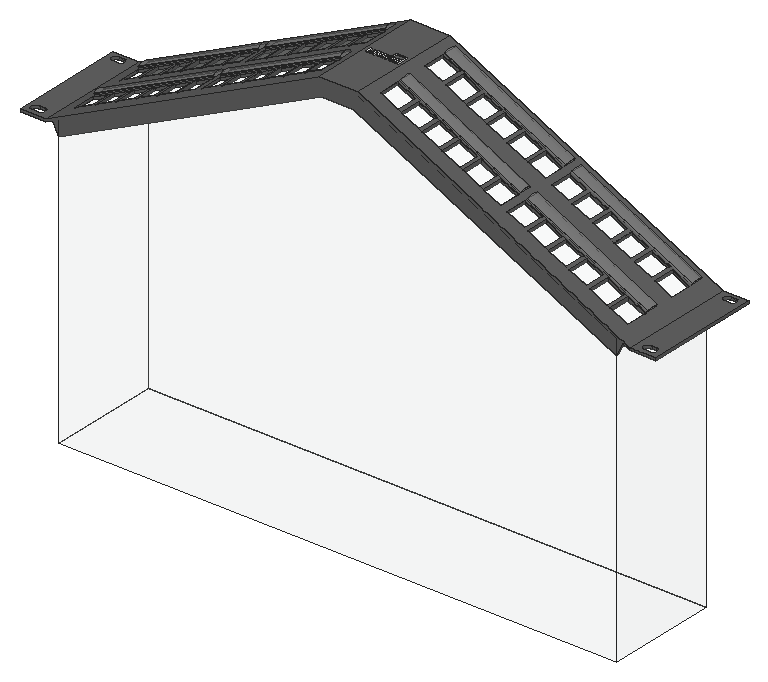
Revit family "Data_Device-Network-Leviton-Patch_Panel-Angled", category Data Devices, host Face, Revit 2025
Family settings
  Host = Face
  Round Connector Dimension = Use Diameter
  Part Type = Normal
  OmniClass Number = 23.85.50.17
  OmniClass Title = Communication and Data Processing Equipment
  Cut with Voids When Loaded = No
  Maintain Annotation Orientation = Yes
  Shared = Yes
  Room Calculation Point = No
Parameters (values of type "2RU, 48-Port, with Lens")
  z Void Offset = 0.00000"
  z Offset 2 = 0.50000"  # constant formula
  z Offset 1 = z Depth  # 0.05980"
  z 2RU with Screen = and(z Is Visible 2RU, not(Has ID Windows))  # no
  z 1RU with Screen = and(z Has 24 Ports, not(Has ID Windows))  # no
  z 1 Y Offset 5 = if(and(z Leviton Type = 222, Has ID Windows), 1.50000", 0.45000")  # 1.50000"
  z 2RU with Lens = z Leviton Type = 222  # yes
  z 1RU with Lens = z Leviton Type = 112  # no
  z Leviton Type = 222
  z Is Visible 2RU = or(z Leviton Type = 220, z Leviton Type = 221, z Leviton Type = 222)  # yes
  z Height = if(or(z Leviton Type = 220, z Leviton Type = 221, z Leviton Type = 222), 3.47500", 1.72500")  # 3.47500"
  z Has 48 Ports 1RU = z Leviton Type = 120  # no
  z Has 48 Ports = and(or(z Leviton Type = 220, z Leviton Type = 221, z Leviton Type = 222))  # yes
  z Has 24 Ports = and(or(z Leviton Type = 110, z Leviton Type = 111, z Leviton Type = 112))  # no
  z Depth = 0.05980"  # constant formula
  z 1 Y Offset 4 = if(or(z Leviton Type = 110, z Leviton Type = 111, z Leviton Type = 112), 0.16000", 18.00000")  # 18.00000"
  z 1 Y Offset 3 = if(or(z Leviton Type = 110, z Leviton Type = 111, z Leviton Type = 112), 18.00000", if(z Leviton Type = 120, 1.01910", if(or(z Leviton Type = 220, z Leviton Type = 221, z Leviton Type = 222), 2.30700", 0.00000")))  # 2.30700"
  z 1 Y Offset 2 = if(or(z Leviton Type = 110, z Leviton Type = 111, z Leviton Type = 112), 18.00000", if(z Leviton Type = 120, 1.01910", if(or(z Leviton Type = 220, z Leviton Type = 221, z Leviton Type = 222), 2.30700", 0.00000")))  # 2.30700"
  z 1 Y Offset 1 = if(or(z Leviton Type = 110, z Leviton Type = 111, z Leviton Type = 112), 0.60000", if(z Leviton Type = 120, 0.20590", if(or(z Leviton Type = 220, z Leviton Type = 221, z Leviton Type = 222), 0.63900", 0.00000")))  # 0.63900"
  Width [instance] = 19.00000"  # constant formula
  Weight [instance] = 0.00 lbf
  URL = "http://www.leviton.com/networksolutions"
  UPC Code [instance] = ""
  Type Comments = " "
  Technical Support Phone Number = "1-800-824-3005"  # constant formula
  Shielded = or(z Leviton Type = 111, z Leviton Type = 221)  # no
  Serial Number [instance] = ""
  Rack Spaces RU = 2
  Product Documentation Link = "Leviton_49256-Hxx_49256-Dxx_49256-Lxx_Angled_QuickPort_Patch_Panels.pdf"
  Port Count [instance] = 0
  Part Number [instance] = if(z Leviton Type = 110, "49256-H24", if(z Leviton Type = 112, "49256-L24", if(z Leviton Type = 220, "49256-H48", if(z Leviton Type = 222, "49256-L48", if(z Leviton Type = 120, "49256-D48", if(z Leviton Type = 111, "4S256-S24", if(z Leviton Type = 221, "4S256-S48", "ERROR")))))))  # "49256-L48"
  Part Description = Description  # "Angled QuickPort Patch Panel, 48-port, 2RU, with Mangnifying Lens"
  Original Creation Date = "July 25, 2014"  # constant formula
  Model Disclaimer = "http://www.leviton.com/BIMterms"
  Model = " "
  Manufacturer = "Leviton"  # constant formula
  Height [instance] = 4.53000"  # constant formula
  Has ID Windows = yes
  Family Version = "1.0.2"  # constant formula
  Equipment Type = ""
  Equipment Abbreviation = "QPPA"  # constant formula
  Die Cast = 0 = 1  # no
  Description = "Angled QuickPort Patch Panel, 48-port, 2RU, with Mangnifying Lens"
  Default Elevation = 24.00000"
  Date Last Modified = "September 06, 2023"  # constant formula
  Copyright = "Copyright © 2014-2015 Leviton Manufacturing Co., Inc."  # constant formula
  Channel Count [instance] = 0
  Cable Clearance is Visible [instance] = yes
  Cable Clearance [instance] = 8.50000"
  Assembly Code = "D5030600"
  Annotation Symbol is Visible = yes
  Annotation Symbol [instance] = Symbol : Data
Reference planes (in)
  plane 1 "Center (Front/Back)": y = -0.5525
  plane 2 "Mounting Surface": z = 0
  plane 3 "Center (Left/Right)": x = -0.9065
  plane 4 "Left": x = -10.4065
  plane 5 "Right": x = 8.5935
  plane 6 "Top": y = 1.185
  plane 7 "Recess": z = -0.0902
  plane 8 "Void Collector": z = -2
  plane 9 "Bottom": y = -2.29
  plane 10: y = -2.177
  plane 11: y = 0.822
  plane 12: y = 0.546
  plane 13: y = -0.124
  plane 14: y = -1.792
  plane 15: y = -1.122
  plane 16: x = -9.6565
  plane 17: x = 7.8435
  plane 18: x = -9.7183
  plane 19: x = 7.9053
  plane 20: x = -10.0615
  plane 21: x = 8.2485
  plane 22: z = -8.5
  plane 23: z = -0.5
  plane 24: z = 0.2
  plane 25: y = -2.04592
  plane 26: y = 1.072
  plane 27: y = -1.91484
  plane 28: y = 0.947
  plane 29 "Connector Host": z = 0.0598
  plane 30 "Front": z = 4.05292
  plane 31 "Upper Interior": y = 1.1103
  plane 32: through (-1.48999, -180, 4.05292) normal (0.4384, 0, -0.8988)
  plane 33: through (7.8335, -180, 0.0747) normal (-0.4384, 0, -0.8988)
  plane 34: through (-1.48999, -180, 4.05292) normal (0.4384, 0, -0.8988)
  plane 35 "Left Bank": through (-1.48999, -180, 4.05292) normal (0.4384, 0, -0.8988)
  plane 36 "Right Bank": through (7.8335, -180, 0.0747) normal (-0.4384, 0, -0.8988)
  plane 37: y = -1.122
  plane 38: y = -1.792
  plane 39: y = -1.062
  plane 40: y = -0.184
  plane 41: y = -16.815
  plane 42: y = -17.195
  plane 43: y = -2.23
  plane 44: y = 0.546
  plane 45: y = -0.124
Forms (in)
  Extrusion 1, solid, not visible, detail levels fine
    sketch origin (0, 0, 0) x (1, 0, 0) y (0, 1, 0)
      loop
        line (-10.4065, 1.5725) -> (-10.4065, -2.77319) -> (8.5935, -2.77319) -> (8.5935, 1.5725) -> (-10.4065, 1.5725)
    from 0 to -2
  Extrusion 2, void, detail levels medium+fine
    sketch origin (-18.83166, -182.13202, 0) x (0, -1, 0) y (-1, 0, 0)
      loop
        arc (-180.21718, -8.84416) -> (-180.0861, -8.97524) -> (-179.95502, -8.84416) r 0.13108
        line (-179.95502, -8.84416) -> (-179.95502, -8.69416)
        arc (-179.95502, -8.69416) -> (-180.0861, -8.56308) -> (-180.21718, -8.69416) r 0.13108
        line (-180.21718, -8.69416) -> (-180.21718, -8.84416)
      loop
        line (-180.21718, -27.00616) -> (-180.21718, -27.15616)
        arc (-180.21718, -27.15616) -> (-180.0861, -27.28724) -> (-179.95502, -27.15616) r 0.13108
        line (-179.95502, -27.15616) -> (-179.95502, -27.00616)
        arc (-179.95502, -27.00616) -> (-180.0861, -26.87508) -> (-180.21718, -27.00616) r 0.13108
      loop
        line (-180.34002, -10.18194) -> (-180.34002, -9.65794) -> (-181.01002, -9.65794) -> (-181.01002, -10.18194) -> (-180.34002, -10.18194)
      loop
        line (-180.34002, -10.79761) -> (-180.34002, -10.27361) -> (-181.01002, -10.27361) -> (-181.01002, -10.79761) -> (-180.34002, -10.79761)
      loop
        line (-180.34002, -11.41328) -> (-180.34002, -10.88929) -> (-181.01002, -10.88929) -> (-181.01002, -11.41328) -> (-180.34002, -11.41328)
      loop
        line (-180.34002, -12.02896) -> (-180.34002, -11.50496) -> (-181.01002, -11.50496) -> (-181.01002, -12.02896) -> (-180.34002, -12.02896)
      loop
        line (-180.34002, -12.64463) -> (-180.34002, -12.12063) -> (-181.01002, -12.12063) -> (-181.01002, -12.64463) -> (-180.34002, -12.64463)
      loop
        line (-180.34002, -13.26031) -> (-180.34002, -12.73631) -> (-181.01002, -12.73631) -> (-181.01002, -13.26031) -> (-180.34002, -13.26031)
      loop
        line (-180.34002, -13.97485) -> (-180.34002, -13.45085) -> (-181.01002, -13.45085) -> (-181.01002, -13.97485) -> (-180.34002, -13.97485)
      loop
        line (-180.34002, -14.59052) -> (-180.34002, -14.06652) -> (-181.01002, -14.06652) -> (-181.01002, -14.59052) -> (-180.34002, -14.59052)
      loop
        line (-180.34002, -15.20619) -> (-180.34002, -14.6822) -> (-181.01002, -14.6822) -> (-181.01002, -15.20619) -> (-180.34002, -15.20619)
      loop
        line (-180.34002, -15.82187) -> (-180.34002, -15.29787) -> (-181.01002, -15.29787) -> (-181.01002, -15.82187) -> (-180.34002, -15.82187)
      loop
        line (-180.34002, -16.43754) -> (-180.34002, -15.91355) -> (-181.01002, -15.91355) -> (-181.01002, -16.43754) -> (-180.34002, -16.43754)
      loop
        line (-180.34002, -17.05322) -> (-180.34002, -16.52922) -> (-181.01002, -16.52922) -> (-181.01002, -17.05322) -> (-180.34002, -17.05322)
      loop
        line (-180.34002, -19.3211) -> (-180.34002, -18.7971) -> (-181.01002, -18.7971) -> (-181.01002, -19.3211) -> (-180.34002, -19.3211)
      loop
        line (-180.34002, -19.93677) -> (-180.34002, -19.41278) -> (-181.01002, -19.41278) -> (-181.01002, -19.93677) -> (-180.34002, -19.93677)
      loop
        line (-180.34002, -20.55245) -> (-180.34002, -20.02845) -> (-181.01002, -20.02845) -> (-181.01002, -20.55245) -> (-180.34002, -20.55245)
      loop
        line (-180.34002, -21.16812) -> (-180.34002, -20.64412) -> (-181.01002, -20.64412) -> (-181.01002, -21.16812) -> (-180.34002, -21.16812)
      loop
        line (-180.34002, -21.7838) -> (-180.34002, -21.2598) -> (-181.01002, -21.2598) -> (-181.01002, -21.7838) -> (-180.34002, -21.7838)
      loop
        line (-180.34002, -22.39947) -> (-180.34002, -21.87547) -> (-181.01002, -21.87547) -> (-181.01002, -22.39947) -> (-180.34002, -22.39947)
      loop
        line (-180.34002, -23.11401) -> (-180.34002, -22.59001) -> (-181.01002, -22.59001) -> (-181.01002, -23.11401) -> (-180.34002, -23.11401)
      loop
        line (-180.34002, -23.72968) -> (-180.34002, -23.20569) -> (-181.01002, -23.20569) -> (-181.01002, -23.72968) -> (-180.34002, -23.72968)
      loop
        line (-180.34002, -24.34536) -> (-180.34002, -23.82136) -> (-181.01002, -23.82136) -> (-181.01002, -24.34536) -> (-180.34002, -24.34536)
      loop
        line (-180.34002, -24.96103) -> (-180.34002, -24.43704) -> (-181.01002, -24.43704) -> (-181.01002, -24.96103) -> (-180.34002, -24.96103)
      loop
        line (-180.34002, -25.57671) -> (-180.34002, -25.05271) -> (-181.01002, -25.05271) -> (-181.01002, -25.57671) -> (-180.34002, -25.57671)
      loop
        line (-180.34002, -26.19238) -> (-180.34002, -25.66838) -> (-181.01002, -25.66838) -> (-181.01002, -26.19238) -> (-180.34002, -26.19238)
    from 0.0902 to -5.3247
  Extrusion 3, void, detail levels medium+fine
    sketch origin (-18.83166, -181.20301, 0) x (0, -1, 0) y (-1, 0, 0)
      loop
        arc (-182.27501, -8.84416) -> (-182.15001, -8.96916) -> (-182.02501, -8.84416) r 0.125
        line (-182.02501, -8.84416) -> (-182.02501, -8.69416)
        arc (-182.02501, -8.69416) -> (-182.15001, -8.56916) -> (-182.27501, -8.69416) r 0.125
        line (-182.27501, -8.69416) -> (-182.27501, -8.84416)
      loop
        line (-182.27501, -27.00616) -> (-182.27501, -27.15616)
        arc (-182.27501, -27.15616) -> (-182.15001, -27.28116) -> (-182.02501, -27.15616) r 0.125
        line (-182.02501, -27.15616) -> (-182.02501, -27.00616)
        arc (-182.02501, -27.00616) -> (-182.15001, -26.88116) -> (-182.27501, -27.00616) r 0.125
      loop
        line (-181.74901, -10.18194) -> (-181.07901, -10.18194) -> (-181.07901, -9.65794) -> (-181.74901, -9.65794) -> (-181.74901, -10.18194)
      loop
        line (-181.74901, -10.79761) -> (-181.07901, -10.79761) -> (-181.07901, -10.27361) -> (-181.74901, -10.27361) -> (-181.74901, -10.79761)
      loop
        line (-181.74901, -11.41328) -> (-181.07901, -11.41328) -> (-181.07901, -10.88929) -> (-181.74901, -10.88929) -> (-181.74901, -11.41328)
      loop
        line (-181.74901, -12.02896) -> (-181.07901, -12.02896) -> (-181.07901, -11.50496) -> (-181.74901, -11.50496) -> (-181.74901, -12.02896)
      loop
        line (-181.74901, -12.64463) -> (-181.07901, -12.64463) -> (-181.07901, -12.12063) -> (-181.74901, -12.12063) -> (-181.74901, -12.64463)
      loop
        line (-181.74901, -13.26031) -> (-181.07901, -13.26031) -> (-181.07901, -12.73631) -> (-181.74901, -12.73631) -> (-181.74901, -13.26031)
      loop
        line (-181.74901, -13.97485) -> (-181.07901, -13.97485) -> (-181.07901, -13.45085) -> (-181.74901, -13.45085) -> (-181.74901, -13.97485)
      loop
        line (-181.74901, -14.59052) -> (-181.07901, -14.59052) -> (-181.07901, -14.06652) -> (-181.74901, -14.06652) -> (-181.74901, -14.59052)
      loop
        line (-181.74901, -15.20619) -> (-181.07901, -15.20619) -> (-181.07901, -14.6822) -> (-181.74901, -14.6822) -> (-181.74901, -15.20619)
      loop
        line (-181.74901, -15.82187) -> (-181.07901, -15.82187) -> (-181.07901, -15.29787) -> (-181.74901, -15.29787) -> (-181.74901, -15.82187)
      loop
        line (-181.74901, -16.43754) -> (-181.07901, -16.43754) -> (-181.07901, -15.91355) -> (-181.74901, -15.91355) -> (-181.74901, -16.43754)
      loop
        line (-181.74901, -17.05322) -> (-181.07901, -17.05322) -> (-181.07901, -16.52922) -> (-181.74901, -16.52922) -> (-181.74901, -17.05322)
      loop
        line (-181.74901, -19.3211) -> (-181.07901, -19.3211) -> (-181.07901, -18.7971) -> (-181.74901, -18.7971) -> (-181.74901, -19.3211)
      loop
        line (-181.74901, -19.93677) -> (-181.07901, -19.93677) -> (-181.07901, -19.41278) -> (-181.74901, -19.41278) -> (-181.74901, -19.93677)
      loop
        line (-181.74901, -20.55245) -> (-181.07901, -20.55245) -> (-181.07901, -20.02845) -> (-181.74901, -20.02845) -> (-181.74901, -20.55245)
      loop
        line (-181.74901, -21.16812) -> (-181.07901, -21.16812) -> (-181.07901, -20.64412) -> (-181.74901, -20.64412) -> (-181.74901, -21.16812)
      loop
        line (-181.74901, -21.7838) -> (-181.07901, -21.7838) -> (-181.07901, -21.2598) -> (-181.74901, -21.2598) -> (-181.74901, -21.7838)
      loop
        line (-181.74901, -22.39947) -> (-181.07901, -22.39947) -> (-181.07901, -21.87547) -> (-181.74901, -21.87547) -> (-181.74901, -22.39947)
      loop
        line (-181.74901, -23.11401) -> (-181.07901, -23.11401) -> (-181.07901, -22.59001) -> (-181.74901, -22.59001) -> (-181.74901, -23.11401)
      loop
        line (-181.74901, -23.72968) -> (-181.07901, -23.72968) -> (-181.07901, -23.20569) -> (-181.74901, -23.20569) -> (-181.74901, -23.72968)
      loop
        line (-181.74901, -24.34536) -> (-181.07901, -24.34536) -> (-181.07901, -23.82136) -> (-181.74901, -23.82136) -> (-181.74901, -24.34536)
      loop
        line (-181.74901, -24.96103) -> (-181.07901, -24.96103) -> (-181.07901, -24.43704) -> (-181.74901, -24.43704) -> (-181.74901, -24.96103)
      loop
        line (-181.74901, -25.57671) -> (-181.07901, -25.57671) -> (-181.07901, -25.05271) -> (-181.74901, -25.05271) -> (-181.74901, -25.57671)
      loop
        line (-181.74901, -26.19238) -> (-181.07901, -26.19238) -> (-181.07901, -25.66838) -> (-181.74901, -25.66838) -> (-181.74901, -26.19238)
    from 0.0902 to -4.25
  Extrusion 4, solid, material "Steel - Leviton - Powdercoat - Black"
    sketch origin (0, -2.29, 0) x (-1, 0, 0) y (0, 0, 1)
      loop
        line (9.6465, 0.0747) -> (1.48999, 4.05292) -> (0.32301, 4.05292) -> (-7.8335, 0.0747) -> (-8.5935, 0.0747) -> (-8.5935, 0) -> (-7.81625, 0) -> (-7.62099, 0.09523) -> (-7.43456, -0.28702) -> (0.43849, 3.55292) -> (1.37451, 3.55292) -> (9.24756, -0.28702) -> (9.43399, 0.09523) -> (9.62925, 0) -> (10.4065, 0) -> (10.4065, 0.0747) -> (9.6465, 0.0747)
    from 3.475 to 0
  Extrusion 5, void
    sketch origin (0, -0.4653, 0) x (-1, 0, 0) y (0, 0, 1)
      loop
        line (1.46321, 3.98287) -> (0.34979, 3.98287) -> (-7.62099, 0.09523) -> (-7.40825, -0.34095) -> (0.45235, 3.49292) -> (1.36066, 3.49292) -> (9.22125, -0.34095) -> (9.43399, 0.09523) -> (1.46321, 3.98287)
    from 1.5756 to -1.7647
  Extrusion 6, solid, material "Snap Locations - Leviton - Invisible"
    sketch origin (0, 0.0165, 0) x (-1, 0, 0) y (0, 0, 1)
      loop
        line (9.17372, 0.30529) -> (5.57135, 2.06229) -> (5.53861, 1.99515) -> (9.14097, 0.23815) -> (9.17372, 0.30529)
      loop
        line (5.38081, 2.15523) -> (1.77844, 3.91223) -> (1.7457, 3.84509) -> (5.34806, 2.08809) -> (5.38081, 2.15523)
      loop
        line (-7.36072, 0.30529) -> (-7.32797, 0.23815) -> (-3.72561, 1.99515) -> (-3.75835, 2.06229) -> (-7.36072, 0.30529)
      loop
        line (-3.56781, 2.15523) -> (-3.53506, 2.08809) -> (0.0673, 3.84509) -> (0.03456, 3.91223) -> (-3.56781, 2.15523)
    from -0.1405 to 0.5295
  Extrusion 7, solid, material "Snap Locations - Leviton - Invisible", visible <- "z Is Visible 2RU"
    sketch origin (0, -1.6415, 0) x (-1, 0, 0) y (0, 0, 1)
      loop
        line (9.17372, 0.30529) -> (5.57135, 2.06229) -> (5.53861, 1.99515) -> (9.14097, 0.23815) -> (9.17372, 0.30529)
      loop
        line (5.38081, 2.15523) -> (1.77844, 3.91223) -> (1.7457, 3.84509) -> (5.34806, 2.08809) -> (5.38081, 2.15523)
      loop
        line (-7.36072, 0.30529) -> (-7.32797, 0.23815) -> (-3.72561, 1.99515) -> (-3.75835, 2.06229) -> (-7.36072, 0.30529)
      loop
        line (-3.56781, 2.15523) -> (-3.53506, 2.08809) -> (0.0673, 3.84509) -> (0.03456, 3.91223) -> (-3.56781, 2.15523)
    from 0.5195 to -0.1505
  Extrusion 8, solid, material "Clearance Areas - Leviton", visible <- "Cable Clearance is Visible"
    sketch origin (0, -0.4653, 0) x (-1, 0, 0) y (0, 0, 1)
      loop
        line (9.2665, -8.5) -> (9.2665, 0.17693) -> (1.45903, 3.98487) -> (0.35397, 3.98487) -> (-7.4535, 0.17693) -> (-7.4535, -8.5) -> (9.2665, -8.5)
    from 1.5373 to -1.8247
  Extrusion 9, solid, material "Snap Locations - Leviton - Invisible", visible <- "z Is Visible 2RU"
    sketch origin (0, -0.6797, 0) x (-1, 0, 0) y (0, 0, 1)
      loop
        line (9.17372, 0.30529) -> (5.57135, 2.06229) -> (5.53861, 1.99515) -> (9.14097, 0.23815) -> (9.17372, 0.30529)
      loop
        line (5.38081, 2.15523) -> (1.77844, 3.91223) -> (1.7457, 3.84509) -> (5.34806, 2.08809) -> (5.38081, 2.15523)
      loop
        line (-7.36072, 0.30529) -> (-7.32797, 0.23815) -> (-3.72561, 1.99515) -> (-3.75835, 2.06229) -> (-7.36072, 0.30529)
      loop
        line (-3.56781, 2.15523) -> (-3.53506, 2.08809) -> (0.0673, 3.84509) -> (0.03456, 3.91223) -> (-3.56781, 2.15523)
    from -0.4423 to -1.1123
  Extrusion 10, solid, material "Plastic - Leviton - White", visible <- "z 2RU with Screen"
    sketch origin (0, -2.29, 0) x (-1, 0, 0) y (0, 0, 1)
      loop
        line (8.63657, 0.5339) -> (9.16057, 0.27833) -> (9.17591, 0.30978) -> (8.65192, 0.56536) -> (8.63657, 0.5339)
      loop
        line (8.0209, 0.83418) -> (8.5449, 0.57861) -> (8.56024, 0.61007) -> (8.03624, 0.86564) -> (8.0209, 0.83418)
      loop
        line (7.40522, 1.13447) -> (7.92922, 0.8789) -> (7.94456, 0.91036) -> (7.42057, 1.16593) -> (7.40522, 1.13447)
      loop
        line (6.78955, 1.43476) -> (7.31355, 1.17918) -> (7.32889, 1.21064) -> (6.80489, 1.46621) -> (6.78955, 1.43476)
      loop
        line (6.17388, 1.73504) -> (6.69787, 1.47947) -> (6.71322, 1.51093) -> (6.18922, 1.7665) -> (6.17388, 1.73504)
      loop
        line (5.5582, 2.03533) -> (6.0822, 1.77976) -> (6.09754, 1.81121) -> (5.57355, 2.06679) -> (5.5582, 2.03533)
      loop
        line (4.84366, 2.38384) -> (5.36766, 2.12826) -> (5.383, 2.15972) -> (4.859, 2.41529) -> (4.84366, 2.38384)
      loop
        line (4.22799, 2.68412) -> (4.75199, 2.42855) -> (4.76733, 2.46001) -> (4.24333, 2.71558) -> (4.22799, 2.68412)
      loop
        line (3.61231, 2.98441) -> (4.13631, 2.72884) -> (4.15165, 2.76029) -> (3.62766, 3.01587) -> (3.61231, 2.98441)
      loop
        line (2.99664, 3.28469) -> (3.52064, 3.02912) -> (3.53598, 3.06058) -> (3.01198, 3.31615) -> (2.99664, 3.28469)
      loop
        line (2.38097, 3.58498) -> (2.90496, 3.32941) -> (2.92031, 3.36087) -> (2.39631, 3.61644) -> (2.38097, 3.58498)
      loop
        line (1.76529, 3.88527) -> (2.28929, 3.62969) -> (2.30463, 3.66115) -> (1.78063, 3.91672) -> (1.76529, 3.88527)
      loop
        line (-6.82357, 0.5339) -> (-6.83892, 0.56536) -> (-7.36291, 0.30978) -> (-7.34757, 0.27833) -> (-6.82357, 0.5339)
      loop
        line (-6.2079, 0.83418) -> (-6.22324, 0.86564) -> (-6.74724, 0.61007) -> (-6.7319, 0.57861) -> (-6.2079, 0.83418)
      loop
        line (-5.59222, 1.13447) -> (-5.60757, 1.16593) -> (-6.13156, 0.91036) -> (-6.11622, 0.8789) -> (-5.59222, 1.13447)
      loop
        line (-4.97655, 1.43476) -> (-4.99189, 1.46621) -> (-5.51589, 1.21064) -> (-5.50055, 1.17918) -> (-4.97655, 1.43476)
      loop
        line (-4.36088, 1.73504) -> (-4.37622, 1.7665) -> (-4.90022, 1.51093) -> (-4.88487, 1.47947) -> (-4.36088, 1.73504)
      loop
        line (-3.7452, 2.03533) -> (-3.76055, 2.06679) -> (-4.28454, 1.81121) -> (-4.2692, 1.77976) -> (-3.7452, 2.03533)
      loop
        line (-3.03066, 2.38384) -> (-3.046, 2.41529) -> (-3.57, 2.15972) -> (-3.55466, 2.12826) -> (-3.03066, 2.38384)
      loop
        line (-2.41499, 2.68412) -> (-2.43033, 2.71558) -> (-2.95433, 2.46001) -> (-2.93898, 2.42855) -> (-2.41499, 2.68412)
      loop
        line (-1.79931, 2.98441) -> (-1.81466, 3.01587) -> (-2.33865, 2.76029) -> (-2.32331, 2.72884) -> (-1.79931, 2.98441)
      loop
        line (-1.18364, 3.28469) -> (-1.19898, 3.31615) -> (-1.72298, 3.06058) -> (-1.70764, 3.02912) -> (-1.18364, 3.28469)
      loop
        line (-0.56797, 3.58498) -> (-0.58331, 3.61644) -> (-1.10731, 3.36087) -> (-1.09196, 3.32941) -> (-0.56797, 3.58498)
      loop
        line (0.04771, 3.88527) -> (0.03237, 3.91672) -> (-0.49163, 3.66115) -> (-0.47629, 3.62969) -> (0.04771, 3.88527)
    from 2.106 to 1.228
  Extrusion 11, void
    sketch origin (0, 0, 4.05292) x (-1, 0, 0) y (0, -1, 0)
      loop
        line (9.3775, 0.5605) -> (9.3775, 0.6855) -> (-7.6225, 0.6855) -> (-7.6225, 0.5605) -> (9.3775, 0.5605)
    from 0 to -4.55292
  Extrusion 12, solid, material "Plastic - Leviton - White", visible <- "z 1RU with Screen"
    sketch origin (0, -4.5821, 0) x (-1, 0, 0) y (0, 0, 1)
      loop
        line (8.63657, 0.5339) -> (9.16057, 0.27833) -> (9.17591, 0.30978) -> (8.65192, 0.56536) -> (8.63657, 0.5339)
      loop
        line (8.0209, 0.83418) -> (8.5449, 0.57861) -> (8.56024, 0.61007) -> (8.03624, 0.86564) -> (8.0209, 0.83418)
      loop
        line (7.40522, 1.13447) -> (7.92922, 0.8789) -> (7.94456, 0.91036) -> (7.42057, 1.16593) -> (7.40522, 1.13447)
      loop
        line (6.78955, 1.43476) -> (7.31355, 1.17918) -> (7.32889, 1.21064) -> (6.80489, 1.46621) -> (6.78955, 1.43476)
      loop
        line (6.17388, 1.73504) -> (6.69787, 1.47947) -> (6.71322, 1.51093) -> (6.18922, 1.7665) -> (6.17388, 1.73504)
      loop
        line (5.5582, 2.03533) -> (6.0822, 1.77976) -> (6.09754, 1.81121) -> (5.57355, 2.06679) -> (5.5582, 2.03533)
      loop
        line (4.84366, 2.38384) -> (5.36766, 2.12826) -> (5.383, 2.15972) -> (4.859, 2.41529) -> (4.84366, 2.38384)
      loop
        line (4.22799, 2.68412) -> (4.75199, 2.42855) -> (4.76733, 2.46001) -> (4.24333, 2.71558) -> (4.22799, 2.68412)
      loop
        line (3.61231, 2.98441) -> (4.13631, 2.72884) -> (4.15165, 2.76029) -> (3.62766, 3.01587) -> (3.61231, 2.98441)
      loop
        line (2.99664, 3.28469) -> (3.52064, 3.02912) -> (3.53598, 3.06058) -> (3.01198, 3.31615) -> (2.99664, 3.28469)
      loop
        line (2.38097, 3.58498) -> (2.90496, 3.32941) -> (2.92031, 3.36087) -> (2.39631, 3.61644) -> (2.38097, 3.58498)
      loop
        line (1.76529, 3.88527) -> (2.28929, 3.62969) -> (2.30463, 3.66115) -> (1.78063, 3.91672) -> (1.76529, 3.88527)
      loop
        line (-6.82357, 0.5339) -> (-6.83892, 0.56536) -> (-7.36291, 0.30978) -> (-7.34757, 0.27833) -> (-6.82357, 0.5339)
      loop
        line (-6.2079, 0.83418) -> (-6.22324, 0.86564) -> (-6.74724, 0.61007) -> (-6.7319, 0.57861) -> (-6.2079, 0.83418)
      loop
        line (-5.59222, 1.13447) -> (-5.60757, 1.16593) -> (-6.13156, 0.91036) -> (-6.11622, 0.8789) -> (-5.59222, 1.13447)
      loop
        line (-4.97655, 1.43476) -> (-4.99189, 1.46621) -> (-5.51589, 1.21064) -> (-5.50055, 1.17918) -> (-4.97655, 1.43476)
      loop
        line (-4.36088, 1.73504) -> (-4.37622, 1.7665) -> (-4.90022, 1.51093) -> (-4.88487, 1.47947) -> (-4.36088, 1.73504)
      loop
        line (-3.7452, 2.03533) -> (-3.76055, 2.06679) -> (-4.28454, 1.81121) -> (-4.2692, 1.77976) -> (-3.7452, 2.03533)
      loop
        line (-3.03066, 2.38384) -> (-3.046, 2.41529) -> (-3.57, 2.15972) -> (-3.55466, 2.12826) -> (-3.03066, 2.38384)
      loop
        line (-2.41499, 2.68412) -> (-2.43033, 2.71558) -> (-2.95433, 2.46001) -> (-2.93898, 2.42855) -> (-2.41499, 2.68412)
      loop
        line (-1.79931, 2.98441) -> (-1.81466, 3.01587) -> (-2.33865, 2.76029) -> (-2.32331, 2.72884) -> (-1.79931, 2.98441)
      loop
        line (-1.18364, 3.28469) -> (-1.19898, 3.31615) -> (-1.72298, 3.06058) -> (-1.70764, 3.02912) -> (-1.18364, 3.28469)
      loop
        line (-0.56797, 3.58498) -> (-0.58331, 3.61644) -> (-1.10731, 3.36087) -> (-1.09196, 3.32941) -> (-0.56797, 3.58498)
      loop
        line (0.04771, 3.88527) -> (0.03237, 3.91672) -> (-0.49163, 3.66115) -> (-0.47629, 3.62969) -> (0.04771, 3.88527)
    from -12.2329 to -12.6129
  Sweep 13, solid, material "Plastic - Leviton - Clear", visible <- "z 1RU with Lens"
    path origin (0, -2.29, 0) x (-1, 0, 0) y (0, 0, 1)
      loop
        line (-7.36072, 0.30529) -> (0.32301, 4.05292) -> (1.48999, 4.05292) -> (9.17372, 0.30529)
    profile origin (-0.9065, -2.29, 4.05292) x (0, 0, -1) y (0, 1, 0)
      loop
        line (0, 1.565) -> (-0.05109, 1.565)
        arc (-0.05109, 1.565) -> (-0.10464, 1.375) -> (-0.05109, 1.185) r 0.3638
        line (-0.05109, 1.185) -> (0, 1.185) -> (0, 1.565)
  Extrusion 14, void
    sketch origin (0, -2.29, 0) x (-1, 0, 0) y (0, 0, 1)
      loop
        line (1.48999, 4.05292) -> (1.77844, 3.91223) -> (1.90995, 4.18187) -> (1.55925, 4.35292) -> (0.25375, 4.35292) -> (-0.09695, 4.18187) -> (0.03456, 3.91223) -> (0.32301, 4.05292) -> (1.48999, 4.05292)
      loop
        line (-3.75835, 2.06229) -> (-3.56781, 2.15523) -> (-3.7003, 2.42687) -> (-3.89085, 2.33394) -> (-3.75835, 2.06229)
      loop
        line (5.70287, 2.33193) -> (5.51232, 2.42487) -> (5.38081, 2.15523) -> (5.57135, 2.06229) -> (5.70287, 2.33193)
    from 3.475 to 0
  Sweep 15, solid, material "Plastic - Leviton - Clear", visible <- "z 2RU with Lens"
    path origin (0, -2.29, 0) x (-1, 0, 0) y (0, 0, 1)
      loop
        line (-7.36072, 0.30529) -> (0.32301, 4.05292) -> (1.48999, 4.05292) -> (9.17372, 0.30529)
    profile origin (-0.9065, -2.29, 4.05292) x (0, 0, -1) y (0, 1, 0)
      loop
        line (0, 1.608) -> (-0.05109, 1.608)
        arc (-0.05109, 1.608) -> (-0.10464, 1.418) -> (-0.05109, 1.228) r 0.3638
        line (-0.05109, 1.228) -> (0, 1.228) -> (0, 1.608)
      loop
        line (0, 3.276) -> (-0.05109, 3.276)
        arc (-0.05109, 3.276) -> (-0.10464, 3.086) -> (-0.05109, 2.896) r 0.3638
        line (-0.05109, 2.896) -> (0, 2.896) -> (0, 3.276)
Cuts and joins
  Extrusion 2, Extrusion 3, Extrusion 5 cuts Extrusion 4
  Extrusion 11 cuts Extrusion 10
  Extrusion 14 cuts Sweep 15
  Extrusion 14 cuts Sweep 13
Lines and regions (in)
  Masking region 1, detail levels coarse+medium
    outline origin (-10.4065, 0, 0) x (0, -1, 0) y (0, 0, 1)
      loop
        line (2.29, -0.5) -> (2.29, 0.3598) -> (-1.185, 0.3598) -> (-1.185, -0.5) -> (2.29, -0.5)
  Masking region 2
    outline origin (8.5935, 0, 0) x (0, -1, 0) y (0, 0, 1)
      loop
        line (2.29, 0.3598) -> (-1.185, 0.3598) -> (-1.185, -0.5) -> (2.29, -0.5) -> (2.29, 0.3598)
  Masking region 3
    outline origin (0, 1.185, 0) x (1, 0, 0) y (0, 0, 1)
      loop
        line (7.43456, -0.28702) -> (7.62099, 0.09523) -> (7.81625, 0) -> (8.5935, 0) -> (8.5935, 0.0747) -> (7.8335, 0.0747) -> (-0.32301, 4.05292) -> (-1.48999, 4.05292) -> (-9.6465, 0.0747) -> (-10.4065, 0.0747) -> (-10.4065, 0) -> (-9.62925, 0) -> (-9.43399, 0.09523) -> (-9.24756, -0.28702) -> (-1.37451, 3.55292) -> (-0.43849, 3.55292) -> (7.43456, -0.28702)
  Masking region 4
    outline origin (0, -2.29, 0) x (-1, 0, 0) y (0, 0, 1)
      loop
        line (9.24756, -0.28702) -> (9.43399, 0.09523) -> (9.62925, 0) -> (10.4065, 0) -> (10.4065, 0.0747) -> (9.6465, 0.0747) -> (1.48999, 4.05292) -> (0.32301, 4.05292) -> (-7.8335, 0.0747) -> (-8.5935, 0.0747) -> (-8.5935, 0) -> (-7.81625, 0) -> (-7.62099, 0.09523) -> (-7.43456, -0.28702) -> (0.43849, 3.55292) -> (1.37451, 3.55292) -> (9.24756, -0.28702)
  symbolic lines
    curve 1: line (8.5935, -2.29, 0.3598) -> (8.5935, 1.185, 0.3598)
    curve 2: line (8.5935, -2.29, 0) -> (8.5935, -2.29, 0.3598)
    curve 3: line (8.5935, 1.185, 0) -> (8.5935, -2.29, 0)
    curve 4: line (8.5935, 1.185, 0.3598) -> (8.5935, 1.185, 0)
    curve 5: line (-10.4065, 1.185, 0) -> (-10.4065, -2.29, 0)
    curve 6: line (-10.4065, 1.185, -0.5) -> (-10.4065, 1.185, 0)
    curve 7: line (-10.4065, -2.29, -0.5) -> (-10.4065, 1.185, -0.5)
    curve 8: line (-10.4065, -2.29, 0) -> (-10.4065, -2.29, -0.5)
  reference lines
    curve 9: line (-8.91172, 0.9791, 0.43308) -> (-8.91172, -2.2571, 0.43308)
    curve 10: line (-7.68037, 0.9791, 1.03365) -> (-7.68037, -2.2571, 1.03365)
    curve 11: line (-7.0647, 0.9791, 1.33394) -> (-7.0647, -2.2571, 1.33394)
    curve 12: line (-5.83335, 0.9791, 1.93451) -> (-5.83335, -2.2571, 1.93451)
    curve 13: line (-5.11881, 0.9791, 2.28301) -> (-5.11881, -2.2571, 2.28301)
    curve 14: line (-4.50314, 0.9791, 2.5833) -> (-4.50314, -2.2571, 2.5833)
    curve 15: line (-3.88746, 0.9791, 2.88359) -> (-3.88746, -2.2571, 2.88359)
    curve 16: line (-3.27179, 0.9791, 3.18387) -> (-3.27179, -2.2571, 3.18387)
    curve 17: line (-2.65611, 0.9791, 3.48416) -> (-2.65611, -2.2571, 3.48416)
    curve 18: line (-2.04044, 0.9791, 3.78444) -> (-2.04044, -2.2571, 3.78444)
    curve 19: line (-8.29605, 0.9791, 0.73336) -> (-8.29605, -2.2571, 0.73336)
    curve 20: line (-6.44902, 0.9791, 1.63422) -> (-6.44902, -2.2571, 1.63422)
    curve 21: line (7.09872, 0.9791, 0.43308) -> (7.09872, -2.2571, 0.43308)
    curve 22: line (5.86737, 0.9791, 1.03365) -> (5.86737, -2.2571, 1.03365)
    curve 23: line (5.2517, 0.9791, 1.33394) -> (5.2517, -2.2571, 1.33394)
    curve 24: line (4.02035, 0.9791, 1.93451) -> (4.02035, -2.2571, 1.93451)
    curve 25: line (3.30581, 0.9791, 2.28301) -> (3.30581, -2.2571, 2.28301)
    curve 26: line (2.69014, 0.9791, 2.5833) -> (2.69014, -2.2571, 2.5833)
    curve 27: line (2.07446, 0.9791, 2.88359) -> (2.07446, -2.2571, 2.88359)
    curve 28: line (1.45879, 0.9791, 3.18387) -> (1.45879, -2.2571, 3.18387)
    curve 29: line (0.84311, 0.9791, 3.48416) -> (0.84311, -2.2571, 3.48416)
    curve 30: line (0.22744, 0.9791, 3.78444) -> (0.22744, -2.2571, 3.78444)
    curve 31: line (6.48305, 0.9791, 0.73336) -> (6.48305, -2.2571, 0.73336)
    curve 32: line (4.63602, 0.9791, 1.63422) -> (4.63602, -2.2571, 1.63422)
  symbolic lines, style "Patch Panels"
    curve 33: line (7.43456, 1.185, -0.28702) -> (-0.43849, 1.185, 3.55292)
    curve 34: line (-0.43849, 1.185, 3.55292) -> (-1.37451, 1.185, 3.55292)
    curve 35: line (-1.37451, 1.185, 3.55292) -> (-9.24756, 1.185, -0.28702)
    curve 36: line (-9.24756, 1.185, -0.28702) -> (-9.43399, 1.185, 0.09523)
    curve 37: line (-9.43399, 1.185, 0.09523) -> (-9.62925, 1.185, 0)
    curve 38: line (-9.62925, 1.185, 0) -> (-10.4065, 1.185, 0)
    curve 39: line (-10.4065, 1.185, 0) -> (-10.4065, 1.185, 0.0747)
    curve 40: line (-10.4065, 1.185, 0.0747) -> (-9.6465, 1.185, 0.0747)
    curve 41: line (-9.6465, 1.185, 0.0747) -> (-1.48999, 1.185, 4.05292)
    curve 42: line (-1.48999, 1.185, 4.05292) -> (-0.32301, 1.185, 4.05292)
    curve 43: line (-0.32301, 1.185, 4.05292) -> (7.8335, 1.185, 0.0747)
    curve 44: line (7.8335, 1.185, 0.0747) -> (8.5935, 1.185, 0.0747)
    curve 45: line (8.5935, 1.185, 0.0747) -> (8.5935, 1.185, 0)
    curve 46: line (8.5935, 1.185, 0) -> (7.81625, 1.185, 0)
    curve 47: line (7.81625, 1.185, 0) -> (7.62099, 1.185, 0.09523)
    curve 48: line (7.62099, 1.185, 0.09523) -> (7.43456, 1.185, -0.28702)
    curve 49: line (-9.24756, -2.29, -0.28702) -> (-1.37451, -2.29, 3.55292)
    curve 50: line (-1.37451, -2.29, 3.55292) -> (-0.43849, -2.29, 3.55292)
    curve 51: line (-0.43849, -2.29, 3.55292) -> (7.43456, -2.29, -0.28702)
    curve 52: line (7.43456, -2.29, -0.28702) -> (7.62099, -2.29, 0.09523)
    curve 53: line (7.62099, -2.29, 0.09523) -> (7.81625, -2.29, 0)
    curve 54: line (7.81625, -2.29, 0) -> (8.5935, -2.29, 0)
    curve 55: line (8.5935, -2.29, 0) -> (8.5935, -2.29, 0.0747)
    curve 56: line (8.5935, -2.29, 0.0747) -> (7.8335, -2.29, 0.0747)
    curve 57: line (7.8335, -2.29, 0.0747) -> (-0.32301, -2.29, 4.05292)
    curve 58: line (-0.32301, -2.29, 4.05292) -> (-1.48999, -2.29, 4.05292)
    curve 59: line (-1.48999, -2.29, 4.05292) -> (-9.6465, -2.29, 0.0747)
    curve 60: line (-9.6465, -2.29, 0.0747) -> (-10.4065, -2.29, 0.0747)
    curve 61: line (-10.4065, -2.29, 0.0747) -> (-10.4065, -2.29, 0)
    curve 62: line (-10.4065, -2.29, 0) -> (-9.62925, -2.29, 0)
    curve 63: line (-9.62925, -2.29, 0) -> (-9.43399, -2.29, 0.09523)
    curve 64: line (-9.43399, -2.29, 0.09523) -> (-9.24756, -2.29, -0.28702)
  reference lines, visible <- "z Has 24 Ports"
    curve 65: line (-1.77844, 1.125, 3.91223) -> (-9.17372, 1.125, 0.30529)
    curve 70: line (-0.03456, 1.125, 3.91223) -> (7.36072, 1.125, 0.30529)
  reference lines, visible <- "z Has 48 Ports 1RU"
    curve 66: line (-9.17372, 0.6441, 0.30529) -> (-1.77844, 0.6441, 3.91223)
    curve 67: line (-9.17372, -1.9191, 0.30529) -> (-1.77844, -1.9191, 3.91223)
    curve 72: line (7.36072, -1.9191, 0.30529) -> (-0.03456, -1.9191, 3.91223)
  reference lines, visible <- "z Has 48 Ports"
    curve 68: line (-9.17372, 0.211, 0.30529) -> (-1.77844, 0.211, 3.91223)
    curve 69: line (-9.17372, -1.457, 0.30529) -> (-1.77844, -1.457, 3.91223)
    curve 71: line (7.36072, 0.6441, 0.30529) -> (-0.03456, 0.6441, 3.91223)
    curve 73: line (7.36072, 0.211, 0.30529) -> (-0.03456, 0.211, 3.91223)
    curve 74: line (7.36072, -1.457, 0.30529) -> (-0.03456, -1.457, 3.91223)
Dimensions and locks (in)
  equal spacing: plane 4 "Left", plane 3 "Center (Left/Right)", plane 5 "Right"
  locked: level to plane 8 "Void Collector" at 2
  "z Height": plane 9 "Bottom" to plane 6 "Top"
  "Width": plane 4 "Left" to plane 5 "Right"
  Extrusion 2 sketch curve to Extrusion 2 sketch curve = 0.26216"
  locked: plane 11 to plane 6 "Top" at 0.363
  locked: plane 27 to plane 9 "Bottom" at 0.37516
  equal spacing: plane 9 "Bottom", plane 1 "Center (Front/Back)", plane 6 "Top"
  "z 1 Y Offset 1": plane 12 to plane 6 "Top"
  plane 12 to plane 13 = 0.67000"
  "z 1 Y Offset 2": plane 15 to plane 6 "Top"
  equal spacing: plane 17, plane 3 "Center (Left/Right)", plane 16
  locked: plane 17 to plane 16 at 17.5
  plane 2 "Mounting Surface" to plane 8 "Void Collector" = 2.00000"
  equal spacing: plane 19, plane 3 "Center (Left/Right)", plane 18
  locked: plane 19 to plane 18 at 17.6236
  equal spacing: plane 20, plane 3 "Center (Left/Right)", plane 21
  locked: plane 20 to plane 21 at 18.31
  "Cable Clearance": plane 2 "Mounting Surface" to plane 22
  locked: plane 24 to plane 2 "Mounting Surface" at 0.2
  locked: plane 26 to plane 11 at 0.25
  locked: plane 27 to plane 10 at 0.26216
  equal spacing: plane 27, plane 25, plane 10
  equal spacing: plane 26, plane 28, plane 11
  "z Offset 1": plane 29 "Connector Host" to plane 2 "Mounting Surface"
  "z Offset 2": plane 2 "Mounting Surface" to plane 23
  locked: plane 30 "Front" to plane 2 "Mounting Surface" at 4.05292
  plane 30 "Front" to Extrusion 5 sketch curve = 0.07005"
  cut or joined group of Extrusion 2, Extrusion 3, Extrusion 4, Extrusion 5 to Extrusion 6 sketch curve = 0.00000"
  Extrusion 6 sketch curve to Extrusion 6 sketch curve = 0.07470"
  Extrusion 7 sketch curve to Extrusion 7 sketch curve = 0.07470"
  locked: plane 37 to plane 38 at 0.67
  Extrusion 9 sketch curve to Extrusion 9 sketch curve = 0.07470"
  plane 15 to plane 14 = 0.67000"
  curve 65 to plane 6 "Top" = 0.06000"
  curve 67 to curve 66 to plane 6 "Top" = 2.56320", 0.54090" locked
  "z 1 Y Offset 3": plane 6 "Top" to plane 37
  locked: nested 2 to plane 1 "Center (Front/Back)" at 0.08308
  locked: plane 31 "Upper Interior" to plane 6 "Top" at 0.0747
  locked: plane 39 to plane 37 at 0.06
  locked: plane 39 to plane 40 at 0.878
  plane 40 to Extrusion 11 sketch curve to Extrusion 11 sketch curve = 0.37650" locked, 0.12500" locked
  locked: nested 1 to plane 1 "Center (Front/Back)" at 0.15
  locked: plane 41 to plane 42 at 0.38
  "z 1 Y Offset 4": plane 6 "Top" to plane 41
  locked: Extrusion 12 sketch curve to Extrusion 12 sketch curve at 0.035
  Extrusion 12 sketch curve to Extrusion 12 sketch curve = 0.03500"
  locked: plane 43 to plane 9 "Bottom" at 0.06
  "z 1 Y Offset 1": plane 44 to plane 6 "Top"
  locked: plane 45 to plane 44 at 0.67
  plane 37 to curve 74 = 0.33500"
  locked: curve 73 to plane 44 at 0.335
  "z 1 Y Offset 5": nested 4 to plane 6 "Top"
  "z 1 Y Offset 5": nested 6 to plane 6 "Top"
  locked: Sweep 15 sketch curve to plane 39 at 0.38
  locked: Sweep 15 sketch curve to plane 44 at 0.06
  locked: Sweep 15 sketch curve to Sweep 15 sketch curve at 0.38
  locked: plane 30 "Front" to Sweep 15 sketch curve at 0.25915
  aligned and locked: plane 2 "Mounting Surface" to Extrusion 1
  aligned and locked: Extrusion 1 to level
  aligned and locked: level to curve 3
  aligned and locked: plane 11 to Extrusion 3
  aligned and locked: Extrusion 3 to plane 11
  aligned and locked: plane 12 to Extrusion 3 sketch curve
  aligned and locked: plane 13 to Extrusion 3 sketch curve
  aligned and locked: Extrusion 2 to plane 7 "Recess"
  aligned and locked: Extrusion 3 to plane 7 "Recess"
  aligned and locked: plane 14 to Extrusion 2 sketch curve  (x5)
  aligned and locked: Extrusion 2 sketch curve to Extrusion 2 sketch curve  (x20)
  aligned and locked: plane 6 "Top" to curve 6
  aligned and locked: curve 4 to plane 6 "Top"
  aligned and locked: Masking region 2 to plane 6 "Top"
  aligned and locked: plane 9 "Bottom" to curve 8
  aligned and locked: curve 2 to plane 9 "Bottom"
  aligned and locked: Masking region 1 to plane 9 "Bottom"
  aligned and locked: Masking region 2 to plane 9 "Bottom"
  aligned and locked: Masking region 1 sketch curve to plane 23
  aligned and locked: Masking region 2 sketch curve to plane 23
  aligned and locked: Extrusion 4 to plane 6 "Top"
  aligned and locked: Extrusion 4 to plane 9 "Bottom"
  aligned and locked: plane 30 "Front" to Extrusion 4
  aligned and locked: Extrusion 3 sketch curve to plane 13  (x5)
  aligned and locked: Extrusion 5 to plane 31 "Upper Interior"
  aligned: Extrusion 5 to plane 10
  aligned and locked: plane 32 to cut or joined group of Extrusion 2, Extrusion 3, Extrusion 4, Extrusion 5
  aligned and locked: plane 33 to cut or joined group of Extrusion 2, Extrusion 3, Extrusion 4, Extrusion 5
  aligned: cut or joined group of Extrusion 2, Extrusion 3, Extrusion 4, Extrusion 5 to Extrusion 6  (x2)
  aligned and locked: cut or joined group of Extrusion 2, Extrusion 3, Extrusion 4, Extrusion 5 to Extrusion 6  (x2)
  aligned: cut or joined group of Extrusion 2, Extrusion 3, Extrusion 4, Extrusion 5 to Extrusion 7  (x2)
  aligned: Extrusion 7 to cut or joined group of Extrusion 2, Extrusion 3, Extrusion 4, Extrusion 5  (x5)
  aligned: Extrusion 7 to curve 9
  aligned and locked: Extrusion 2 sketch curve to plane 15
  aligned: Extrusion 7 to Extrusion 6
  aligned: plane 11 to Extrusion 8
  aligned: Extrusion 8 to plane 27
  aligned and locked: Extrusion 7 to cut or joined group of Extrusion 2, Extrusion 3, Extrusion 4, Extrusion 5  (x2)
  aligned: Extrusion 9 to cut or joined group of Extrusion 2, Extrusion 3, Extrusion 4, Extrusion 5  (x2)
  aligned and locked: Extrusion 6 to cut or joined group of Extrusion 2, Extrusion 3, Extrusion 4, Extrusion 5
  aligned and locked: plane 26 to Extrusion 8
  aligned: Extrusion 8 to cut or joined group of Extrusion 2, Extrusion 3, Extrusion 4, Extrusion 5
  aligned and locked: cut or joined group of Extrusion 2, Extrusion 3, Extrusion 4, Extrusion 5 to Extrusion 8
  aligned and locked: Extrusion 9 to Extrusion 7  (x2)
  aligned and locked: plane 3 "Center (Left/Right)" to nested 2
  aligned and locked: plane 39 to Extrusion 10
  aligned and locked: plane 40 to Extrusion 10
  aligned and locked: Extrusion 11 to plane 23
  aligned and locked: plane 41 to Extrusion 12
  aligned and locked: Extrusion 12 to plane 42
  aligned and locked: Extrusion 5 sketch curve to cut or joined group of Extrusion 2, Extrusion 3, Extrusion 4, Extrusion 5  (x2)
  aligned and locked: Extrusion 5 to plane 43
  aligned and locked: Extrusion 3 sketch curve to plane 11
  aligned and locked: Extrusion 3 sketch curve to plane 26
  aligned and locked: plane 11 to Extrusion 3 sketch curve
  aligned and locked: plane 26 to Extrusion 3 sketch curve
  aligned and locked: curve 68 to curve 73
  aligned and locked: nested 3 to plane 35 "Left Bank"
  aligned and locked: nested 4 to plane 35 "Left Bank"
  aligned and locked: Extrusion 2 sketch curve to plane 27
  aligned and locked: Extrusion 2 sketch curve to plane 10
  aligned and locked: nested 5 to plane 33
  aligned and locked: Sweep 13 sketch curve to plane 35 "Left Bank"
  aligned and locked: plane 36 "Right Bank" to Sweep 13 sketch curve
  aligned and locked: plane 30 "Front" to Sweep 13 sketch curve
  aligned and locked: Extrusion 9 to Sweep 13 sketch curve
  aligned and locked: Extrusion 14 sketch curve to plane 35 "Left Bank"
  aligned and locked: plane 30 "Front" to Extrusion 14 sketch curve
  aligned and locked: plane 36 "Right Bank" to Extrusion 14 sketch curve
  aligned and locked: Extrusion 14 sketch curve to Extrusion 9  (x3)
  aligned and locked: Extrusion 9 to Extrusion 14 sketch curve  (x3)
  aligned and locked: plane 39 to Sweep 15 sketch curve
  aligned and locked: Sweep 15 sketch curve to plane 30 "Front"
  aligned and locked: Extrusion 14 to plane 6 "Top"
  aligned and locked: Extrusion 14 to plane 9 "Bottom"
  aligned and locked: nested 3 to plane 25
  aligned and locked: nested 7 to plane 25
  aligned and locked: nested 8 to plane 25
  aligned and locked: nested 5 to plane 25
Automatic sketch dimensions
  Extrusion 1 sketch curve to Extrusion 1 sketch curve = 19.00000"
  Extrusion 1 sketch curve to Extrusion 1 sketch curve = 4.34569"
  plane 24 to curve 2 = 0.15980"
  curve 7 to plane 23 = 0.00000"
  curve 6 to level = 0.00000"
  plane 38 to curve 69 = 0.33500"
  curve 66 to plane 11 = 0.17790"
  curve 66 to curve 69 = 0.00000"
  curve 68 to curve 65 = 0.00000"
  curve 67 to plane 27 = 0.00426"
  plane 28 to curve 9 = 0.03210"
  curve 66 to curve 9 = 0.29150"
  plane 9 "Bottom" to curve 19 = 0.03290"
  curve 9 to curve 19 = 0.68500"
  plane 28 to curve 10 = 0.03210"
  curve 19 to curve 10 = 0.68500"
  plane 9 "Bottom" to curve 11 = 0.03290"
  curve 10 to curve 11 = 0.68500"
  plane 28 to curve 20 = 0.03210"
  curve 11 to curve 20 = 0.68500"
  plane 9 "Bottom" to curve 12 = 0.03290"
  curve 20 to curve 12 = 0.68500"
  plane 28 to curve 13 = 0.03210"
  curve 12 to curve 13 = 0.79500"
  plane 9 "Bottom" to curve 14 = 0.03290"
  curve 13 to curve 14 = 0.68500"
  plane 28 to curve 15 = 0.03210"
  curve 14 to curve 15 = 0.68500"
  plane 28 to curve 16 = 0.03210"
  curve 15 to curve 16 = 0.68500"
  plane 9 "Bottom" to curve 17 = 0.03290"
  curve 16 to curve 17 = 0.68500"
  plane 9 "Bottom" to curve 18 = 0.03290"
  curve 17 to curve 18 = 0.68500"
  curve 18 to curve 69 = 0.29150"
  curve 18 to curve 68 = 0.29150"
  curve 65 to curve 68 = 0.00000"
  plane 28 to curve 19 = 0.03210"
  plane 28 to curve 11 = 0.03210"
  plane 28 to curve 18 = 0.03210"
  plane 28 to curve 12 = 0.03210"
  plane 28 to curve 17 = 0.03210"
  plane 28 to curve 14 = 0.03210"
  plane 9 "Bottom" to curve 9 = 0.03290"
  plane 9 "Bottom" to curve 20 = 0.03290"
  plane 9 "Bottom" to curve 10 = 0.03290"
  plane 9 "Bottom" to curve 16 = 0.03290"
  plane 9 "Bottom" to curve 13 = 0.03290"
  plane 9 "Bottom" to curve 15 = 0.03290"
  Masking region 1 sketch curve to plane 6 "Top" = 0.00000"
  Masking region 1 sketch curve to plane 9 "Bottom" = 0.00000"
  plane 24 to Masking region 1 sketch curve = 0.15980"
  Masking region 2 sketch curve to plane 6 "Top" = 0.00000"
  Masking region 2 sketch curve to plane 9 "Bottom" = 0.00000"
  plane 24 to Masking region 2 sketch curve = 0.15980"
  Extrusion 2 sketch curve to plane 15 = 0.00000"  (x22)
  Extrusion 2 sketch curve to plane 14 = 0.00000"
  Extrusion 2 sketch curve to plane 27 = 0.00000"
  Extrusion 2 sketch curve to plane 20 = 0.07600"
  plane 20 to Extrusion 2 sketch curve = 0.07400"
  plane 16 to Extrusion 2 sketch curve = 0.48278"
  Extrusion 2 sketch curve to Extrusion 2 sketch curve = 0.52400"  (x23)
  Extrusion 2 sketch curve to Extrusion 2 sketch curve = 0.09168"  (x20)
  Extrusion 2 sketch curve to Extrusion 2 sketch curve = 0.19054"  (x2)
  plane 3 "Center (Left/Right)" to Extrusion 2 sketch curve = 0.87194"
  Extrusion 2 sketch curve to plane 17 = 0.48278"
  Extrusion 2 sketch curve to plane 21 = 0.07400"
  plane 21 to Extrusion 2 sketch curve = 0.07600"
  Extrusion 3 sketch curve to plane 12 = 0.00000"  (x23)
  Extrusion 3 sketch curve to plane 13 = 0.00000"  (x18)
  Extrusion 3 sketch curve to plane 20 = 0.07600"
  plane 20 to Extrusion 3 sketch curve = 0.07400"
  plane 16 to Extrusion 3 sketch curve = 0.48278"
  Extrusion 3 sketch curve to Extrusion 3 sketch curve = 0.52400"  (x23)
  Extrusion 3 sketch curve to Extrusion 3 sketch curve = 0.09168"  (x20)
  Extrusion 3 sketch curve to Extrusion 3 sketch curve = 0.19054"  (x2)
  plane 3 "Center (Left/Right)" to Extrusion 3 sketch curve = 0.87194"
  Extrusion 3 sketch curve to plane 17 = 0.48278"
  Extrusion 3 sketch curve to plane 21 = 0.07400"
  plane 21 to Extrusion 3 sketch curve = 0.07600"
  curve 39 to level = 0.00000"
  curve 40 to plane 32 = 0.00000"
  curve 42 to plane 30 "Front" = 0.00000"
  curve 42 to plane 32 = 0.00000"
  curve 42 to plane 33 = 0.00000"
  curve 47 to level = 0.00000"
  plane 33 to curve 43 = 0.00000"
  curve 36 to plane 7 "Recess" = 0.19682"
  plane 16 to curve 36 = 0.40894"
  plane 29 "Connector Host" to curve 37 = 0.03543"
  plane 16 to curve 37 = 0.22251"
  plane 16 to curve 37 = 0.02725"
  plane 16 to curve 41 = 0.01000"
  plane 4 "Left" to curve 38 = 0.00000"
  curve 35 to plane 3 "Center (Left/Right)" = 0.46801"
  plane 3 "Center (Left/Right)" to curve 33 = 0.46801"
  curve 33 to plane 7 "Recess" = 0.19682"
  curve 33 to plane 17 = 0.40894"
  plane 29 "Connector Host" to curve 48 = 0.03543"
  curve 48 to plane 17 = 0.22251"
  curve 47 to plane 17 = 0.02725"
  curve 43 to plane 17 = 0.01000"
  curve 45 to plane 5 "Right" = 0.00000"
  curve 34 to plane 30 "Front" = 0.50000"
  Extrusion 4 sketch curve to level = 0.00000"  (x2)
  Extrusion 4 sketch curve to plane 33 = 0.00000"
  Extrusion 4 sketch curve to plane 30 "Front" = 0.00000"
  plane 33 to Extrusion 4 sketch curve = 0.00000"
  Extrusion 4 sketch curve to plane 32 = 0.00000"  (x2)
  Extrusion 4 sketch curve to plane 7 "Recess" = 0.19682"  (x2)
  Extrusion 4 sketch curve to plane 17 = 0.40894"
  plane 29 "Connector Host" to Extrusion 4 sketch curve = 0.03543"  (x2)
  Extrusion 4 sketch curve to plane 17 = 0.22251"
  Extrusion 4 sketch curve to plane 17 = 0.02725"
  Extrusion 4 sketch curve to plane 17 = 0.01000"
  Extrusion 4 sketch curve to plane 5 "Right" = 0.00000"
  plane 3 "Center (Left/Right)" to Extrusion 4 sketch curve = 0.46801"
  Extrusion 4 sketch curve to plane 3 "Center (Left/Right)" = 0.46801"
  plane 16 to Extrusion 4 sketch curve = 0.40894"
  plane 16 to Extrusion 4 sketch curve = 0.22251"
  plane 16 to Extrusion 4 sketch curve = 0.02725"
  plane 16 to Extrusion 4 sketch curve = 0.01000"
  plane 4 "Left" to Extrusion 4 sketch curve = 0.00000"
  Extrusion 4 sketch curve to plane 30 "Front" = 0.50000"
  plane 33 to Extrusion 7 sketch curve = 0.00000"  (x4)
  Extrusion 7 sketch curve to plane 32 = 0.00000"  (x4)
  plane 24 to Extrusion 7 sketch curve = 0.03815"  (x2)
  plane 24 to Extrusion 7 sketch curve = 1.88809"
  plane 27 to curve 74 = 0.45784"
  curve 71 to plane 11 = 0.17790"
  curve 71 to curve 74 = 0.00000"
  curve 73 to curve 70 = 0.00000"
  curve 72 to plane 27 = 0.00426"
  plane 28 to curve 21 = 0.03210"
  curve 71 to curve 21 = 0.29150"
  plane 9 "Bottom" to curve 31 = 0.03290"
  curve 21 to curve 31 = 0.68500"
  plane 28 to curve 22 = 0.03210"
  curve 31 to curve 22 = 0.68500"
  plane 9 "Bottom" to curve 23 = 0.03290"
  curve 22 to curve 23 = 0.68500"
  plane 28 to curve 32 = 0.03210"
  curve 23 to curve 32 = 0.68500"
  plane 9 "Bottom" to curve 24 = 0.03290"
  curve 32 to curve 24 = 0.68500"
  plane 28 to curve 25 = 0.03210"
  curve 24 to curve 25 = 0.79500"
  plane 9 "Bottom" to curve 26 = 0.03290"
  curve 25 to curve 26 = 0.68500"
  plane 28 to curve 27 = 0.03210"
  curve 26 to curve 27 = 0.68500"
  plane 28 to curve 28 = 0.03210"
  curve 27 to curve 28 = 0.68500"
  plane 9 "Bottom" to curve 29 = 0.03290"
  curve 28 to curve 29 = 0.68500"
  plane 9 "Bottom" to curve 30 = 0.03290"
  curve 29 to curve 30 = 0.68500"
  curve 30 to curve 74 = 0.29150"
  curve 30 to curve 73 = 0.29150"
  curve 70 to curve 73 = 0.00000"
  plane 9 "Bottom" to curve 21 = 0.03290"
  plane 9 "Bottom" to curve 27 = 0.03290"
  plane 9 "Bottom" to curve 22 = 0.03290"
  plane 9 "Bottom" to curve 32 = 0.03290"
  plane 9 "Bottom" to curve 25 = 0.03290"
  plane 9 "Bottom" to curve 28 = 0.03290"
  plane 28 to curve 23 = 0.03210"
  plane 28 to curve 24 = 0.03210"
  plane 28 to curve 31 = 0.03210"
  plane 28 to curve 26 = 0.03210"
  plane 28 to curve 30 = 0.03210"
  plane 28 to curve 29 = 0.03210"
  Extrusion 8 sketch curve to plane 22 = 0.00000"
  Extrusion 8 sketch curve to plane 17 = 0.39000"
  Extrusion 8 sketch curve to plane 30 "Front" = 0.06805"
  plane 3 "Center (Left/Right)" to Extrusion 8 sketch curve = 0.55253"
  Extrusion 8 sketch curve to plane 3 "Center (Left/Right)" = 0.55253"
  plane 16 to Extrusion 8 sketch curve = 0.39000"
  Extrusion 8 sketch curve to plane 24 = 0.02307"  (x2)
  plane 33 to Extrusion 9 sketch curve = 0.00000"  (x4)
  Extrusion 9 sketch curve to plane 32 = 0.00000"  (x4)
  plane 24 to Extrusion 9 sketch curve = 0.03815"  (x2)
  plane 24 to Extrusion 9 sketch curve = 1.88809"
  Masking region 3 sketch curve to level = 0.00000"  (x2)
  Masking region 3 sketch curve to plane 32 = 0.00000"  (x2)
  Masking region 3 sketch curve to plane 30 "Front" = 0.00000"
  Masking region 3 sketch curve to plane 33 = 0.00000"
  plane 33 to Masking region 3 sketch curve = 0.00000"
  Masking region 3 sketch curve to plane 7 "Recess" = 0.19682"  (x2)
  plane 16 to Masking region 3 sketch curve = 0.40894"
  plane 29 "Connector Host" to Masking region 3 sketch curve = 0.03543"  (x2)
  plane 16 to Masking region 3 sketch curve = 0.22251"
  plane 16 to Masking region 3 sketch curve = 0.02725"
  plane 16 to Masking region 3 sketch curve = 0.01000"
  plane 4 "Left" to Masking region 3 sketch curve = 0.00000"
  Masking region 3 sketch curve to plane 3 "Center (Left/Right)" = 0.46801"
  plane 3 "Center (Left/Right)" to Masking region 3 sketch curve = 0.46801"
  Masking region 3 sketch curve to plane 17 = 0.40894"
  Masking region 3 sketch curve to plane 17 = 0.22251"
  Masking region 3 sketch curve to plane 17 = 0.02725"
  Masking region 3 sketch curve to plane 17 = 0.01000"
  Masking region 3 sketch curve to plane 5 "Right" = 0.00000"
  Masking region 3 sketch curve to plane 30 "Front" = 0.50000"
  Masking region 4 sketch curve to level = 0.00000"  (x2)
  Masking region 4 sketch curve to plane 33 = 0.00000"
  Masking region 4 sketch curve to plane 30 "Front" = 0.00000"
  plane 33 to Masking region 4 sketch curve = 0.00000"
  Masking region 4 sketch curve to plane 32 = 0.00000"  (x2)
  Masking region 4 sketch curve to plane 7 "Recess" = 0.19682"  (x2)
  Masking region 4 sketch curve to plane 17 = 0.40894"
  plane 29 "Connector Host" to Masking region 4 sketch curve = 0.03543"  (x2)
  Masking region 4 sketch curve to plane 17 = 0.22251"
  Masking region 4 sketch curve to plane 17 = 0.02725"
  Masking region 4 sketch curve to plane 17 = 0.01000"
  Masking region 4 sketch curve to plane 5 "Right" = 0.00000"
  plane 3 "Center (Left/Right)" to Masking region 4 sketch curve = 0.46801"
  Masking region 4 sketch curve to plane 3 "Center (Left/Right)" = 0.46801"
  plane 16 to Masking region 4 sketch curve = 0.40894"
  plane 16 to Masking region 4 sketch curve = 0.22251"
  plane 16 to Masking region 4 sketch curve = 0.02725"
  plane 16 to Masking region 4 sketch curve = 0.01000"
  plane 4 "Left" to Masking region 4 sketch curve = 0.00000"
  Masking region 4 sketch curve to plane 30 "Front" = 0.50000"
  plane 24 to Extrusion 9 sketch curve = 1.79515"  (x2)
  Extrusion 9 sketch curve to Extrusion 9 sketch curve = 0.19054"
  Extrusion 9 sketch curve to plane 30 "Front" = 0.20783"
  Extrusion 9 sketch curve to plane 30 "Front" = 0.14069"  (x2)
  Extrusion 9 sketch curve to Extrusion 9 sketch curve = 0.03275"  (x2)
  plane 24 to Extrusion 7 sketch curve = 1.79515"  (x2)
  Extrusion 7 sketch curve to Extrusion 7 sketch curve = 0.19054"
  Extrusion 7 sketch curve to plane 30 "Front" = 0.20783"
  Extrusion 7 sketch curve to plane 30 "Front" = 0.14069"  (x2)
  Extrusion 7 sketch curve to Extrusion 7 sketch curve = 0.03275"  (x2)
  plane 33 to Extrusion 6 sketch curve = 0.00000"  (x4)
  Extrusion 6 sketch curve to plane 32 = 0.00000"  (x4)
  plane 24 to Extrusion 6 sketch curve = 0.10529"
  plane 24 to Extrusion 6 sketch curve = 0.03815"  (x2)
  plane 24 to Extrusion 6 sketch curve = 1.86229"  (x3)
  plane 24 to Extrusion 6 sketch curve = 1.88809"  (x2)
  Extrusion 6 sketch curve to Extrusion 6 sketch curve = 0.03275"
  Extrusion 6 sketch curve to plane 30 "Front" = 0.14069"  (x3)
  Extrusion 6 sketch curve to plane 30 "Front" = 0.20783"  (x2)
  Extrusion 6 sketch curve to plane 3 "Center (Left/Right)" = 0.83920"
  Extrusion 6 sketch curve to Extrusion 6 sketch curve = 0.00000"
  plane 24 to Extrusion 6 sketch curve = 1.79515"  (x2)
  Extrusion 6 sketch curve to Extrusion 6 sketch curve = 0.19054"
  curve 65 to curve 69 = 0.00000"
  curve 69 to curve 66 = 0.00000"
  curve 74 to curve 71 = 0.00000"
  curve 70 to curve 74 = 0.00000"
  curve 72 to curve 73 = 0.00000"
  curve 73 to curve 72 = 0.00000"
  curve 67 to curve 68 = 0.00000"
  curve 68 to curve 67 = 0.00000"
  curve 55 to level = 0.00000"
  curve 56 to plane 33 = 0.00000"
  curve 58 to plane 30 "Front" = 0.00000"
  plane 33 to curve 58 = 0.00000"
  curve 58 to plane 32 = 0.00000"
  curve 63 to level = 0.00000"
  curve 59 to plane 32 = 0.00000"
